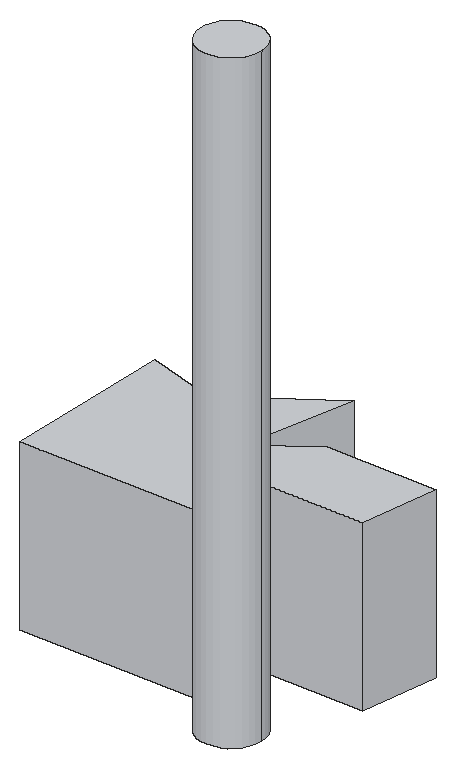
Revit family "TestFamily", category Generic Models, Revit 2020
Family settings
  Can host rebar = No
  Round Connector Dimension = Use Diameter
  Part Type = Normal
  Work Plane-Based = No
  Always vertical = Yes
  Cut with Voids When Loaded = No
  Shared = No
  Room Calculation Point = No
Parameters
  prod 2 area = 12
  prod 2 A1 A3 Carbon = 264
  prod 1 area = 25
  prod 1 C2 Carbon = 0
  prod 1 A1 A3 Carbon = 325
  Embodied Carbon (JT) = prod 1 A1 A3 Carbon + prod 2 A1 A3 Carbon  # 589
  EPD prod 2 = "RTS_46_20 Red Clay Bricks"
  EPD prod 1 = "WICTEC EL60"
  Default Elevation = 0 mm
Reference planes
  plane 1 "Center (Front/Back)": y = 0
  plane 2: z = 0
  plane 3 "Center (Left/Right)": x = 0
Forms (mm)
  Extrusion 1, solid
    sketch origin (0, 0, 0) x (1, 0, 0) y (0, 1, 0)
      loop
        line (-1074.936, 766.725) -> (-1074.936, -893.275) -> (825.064, -893.275) -> (825.064, -233.275) -> (1785.064, -233.275) -> (1903.955, 517.369) -> (825.064, 517.369) -> (300.807, 150.28) -> (529.51, 1226.242) -> (-404.323, 572.365) -> (-1074.936, 766.725)
    from 0 to 1667.071
  Extrusion 2, solid
    sketch origin (0, 0, 0) x (1, 0, 0) y (0, 1, 0)
      loop
        circle (1177.344, -1099.473) r 300
    from 0 to 6116.382
Dimensions and locks
  aligned and locked: level to plane 2
